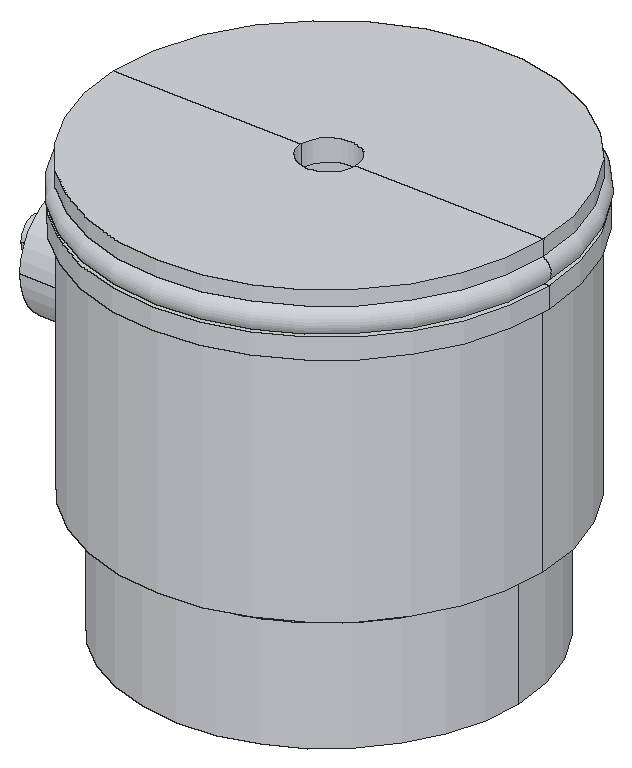
Revit family
Parameters
  Redius [instance] = 0' - 2"
  Model = "C1220-R-1.rfa"
  Manufacturer = "MIFAB"
  Description = "Floor Cleanout with 5\" round cover"
Reference planes (in)
  plane 1 "Center (Front/Back)": y = 0
  plane 2: z = 0
  plane 3 "Center (Left/Right)": x = 0
  plane 4: z = -1.86165
  plane 5: z = -1.66325
Forms (in)
  Revolve 1, void
    sketch origin (0, 0, 0) x (1, 0, 0) y (0, 0, 1)
      loop
        line (0, -12) -> (0, 0) -> (-2.51562, 0) -> (-2.51562, -1.07512) -> (-3.5, -1.07512) -> (-3.5, -2.75) -> (-2.5, -2.75) -> (-2.5, -12) -> (0, -12)
      axis (0, -12) -> (0, 0)
    angle from 0 to 360
  Extrusion 2, solid
    sketch origin (0, 0, -0.56244) x (0, 1, 0) y (0, 0, 1)
      loop
        circle (0, -1.29921) r 0.66929
      loop
        circle (0, -1.29921) r 0.25723
    from -3.0118 to -2.26377
  Extrusion 3, solid
    sketch origin (0, 0, -0.56244) x (0, 1, 0) y (0, 0, 1)
      loop
        circle (0, -1.29921) r 0.41942
    from -3.08949 to -3.0118
  Extrusion 4, solid
    sketch origin (0, 0, -0.56244) x (0, 1, 0) y (0, 0, 1)
      loop
        circle (0, -1.29921) r 0.1984
    from -3.37471 to -3.08949
  Revolve 5, solid
    sketch origin (0, 0, 0) x (1, 0, 0) y (0, 0, 1)
      loop
        line (-0.31641, 0.12891) -> (-2.46875, 0.12891) -> (-2.46875, -0.04297) -> (-2.40143, -0.04297)
        arc (-2.40143, -0.04297) -> (-2.54581, -0.15675) -> (-2.47151, -0.32416) r 0.14883
        line (-2.47151, -0.32416) -> (-2.53516, -0.32416) -> (-2.53516, -0.56244) -> (-2.45703, -0.56244) -> (-2.45703, -3.30072) -> (-2.34479, -3.30072)
        arc (-2.34479, -3.30072) -> (-2.23081, -3.34793) -> (-2.18359, -3.46192) r 0.1612
        line (-2.18359, -3.46192) -> (-2.18359, -4.75385) -> (-2, -4.75385) -> (-2, -3.32311)
        arc (-2, -3.32311) -> (-1.97628, -3.26585) -> (-1.91902, -3.24213) r 0.08098
        line (-1.91902, -3.24213) -> (-1.74566, -3.24213) -> (-1.78511, -2.45306) -> (-1.62891, -2.45306) -> (-1.62891, -0.12109) -> (-0.31641, -0.12109) -> (-0.31641, 0.12891)
      axis (0, -4.75385) -> (0, 0.12891)
    angle from 0 to 360
Lines and regions (in)
  sketch lines
    curve 1: line (-60, 60, 0) -> (60, 60, 0)
    curve 2: line (-60, 60, 0) -> (-60, -60, 0)
    curve 3: line (-60, -60, 0) -> (60, -60, 0)
    curve 4: line (60, 60, 0) -> (60, -60, 0)
Dimensions and locks (in)
  equal spacing: curve 3, plane 1 "Center (Front/Back)", curve 1
  equal spacing: curve 4, plane 3 "Center (Left/Right)", curve 2
  curve 3 to curve 1 = 10' - 0"
  curve 2 to curve 4 = 10' - 0"
  locked: plane 3 "Center (Left/Right)" to Revolve 1 sketch curve at 2.5
  locked: plane 3 "Center (Left/Right)" to Revolve 1 sketch curve at 2.51562
  locked: Revolve 1 sketch curve to Revolve 1 sketch curve at 0.98438
  locked: Revolve 1 sketch curve to Revolve 1 sketch curve at 1.67488
  locked: level to Revolve 1 sketch curve at 1.07512
  locked: plane 3 "Center (Left/Right)" to Revolve 5 sketch curve at 2.18359
  "Redius": plane 3 "Center (Left/Right)" to Revolve 5 sketch curve
  aligned and locked: host floor to Revolve 1 sketch curve  (x2)
  aligned and locked: plane 3 "Center (Left/Right)" to Revolve 1 sketch curve
  aligned and locked: Revolve 1 sketch curve to Revolve 1 sketch curve
  aligned and locked: Extrusion 3 to Extrusion 2
Automatic sketch dimensions
  Extrusion 2 sketch curve to Extrusion 2 sketch curve = 0' - 0"  (x2)
  Extrusion 2 sketch curve to plane 1 "Center (Front/Back)" = 0' - 0"
  Extrusion 2 sketch curve to plane 4 = 0' - 0"
  Extrusion 3 sketch curve to plane 1 "Center (Front/Back)" = 0' - 0"
  Extrusion 3 sketch curve to plane 4 = 0' - 0"
  Extrusion 4 sketch curve to plane 1 "Center (Front/Back)" = 0' - 0"
  Extrusion 4 sketch curve to plane 4 = 0' - 0"
  Revolve 1 sketch curve to Revolve 1 sketch curve = 0' - 0"
  Revolve 1 sketch curve to Revolve 1 sketch curve = 0' - 10"
  Revolve 5 sketch curve to plane 3 "Center (Left/Right)" = 0' - 0"
  level to Revolve 5 sketch curve = 0' - 0 33/256"
  Revolve 5 sketch curve to plane 3 "Center (Left/Right)" = 0' - 0 81/256"
  Revolve 5 sketch curve to level = 0' - 0 31/256"
  Revolve 5 sketch curve to Revolve 5 sketch curve = 0' - 0.11675"
  Revolve 5 sketch curve to Revolve 5 sketch curve = 0' - 0.15621"
  Revolve 5 sketch curve to Revolve 5 sketch curve = 0' - 0.17336"
  Revolve 5 sketch curve to Revolve 5 sketch curve = 0' - 0.08098"
  Revolve 5 sketch curve to Revolve 5 sketch curve = 0' - 0.1612"
  Revolve 5 sketch curve to level = 0' - 0.04404"
  Revolve 5 sketch curve to Revolve 5 sketch curve = 0' - 0.77252"
  Revolve 5 sketch curve to Revolve 5 sketch curve = 0' - 0"
  Revolve 5 sketch curve to Revolve 5 sketch curve = 0' - 0.0556"
  Revolve 5 sketch curve to Revolve 5 sketch curve = 0' - 0.06732"
  Revolve 5 sketch curve to Revolve 5 sketch curve = 0' - 0.07008"
  Revolve 5 sketch curve to Revolve 5 sketch curve = 0' - 0 5/64"
  Revolve 5 sketch curve to Revolve 5 sketch curve = 0' - 0.14883"
  Revolve 5 sketch curve to Revolve 5 sketch curve = 0' - 0 61/256"
  plane 4 to Revolve 5 sketch curve = 0' - 0.59142"
  Revolve 5 sketch curve to Revolve 5 sketch curve = 0' - 0 101/128"
  Revolve 5 sketch curve to Revolve 5 sketch curve = 0' - 0.02238"
  Revolve 5 sketch curve to Revolve 5 sketch curve = 0' - 0 3/4"
  Revolve 5 sketch curve to Revolve 5 sketch curve = 0' - 1.29193"
  Revolve 5 sketch curve to Revolve 5 sketch curve = 0' - 1 3/4"
  Revolve 5 sketch curve to Revolve 5 sketch curve = 0' - 0.00107"
  radius of Extrusion 2 sketch curve = 0' - 0.66929"
  radius of Extrusion 2 sketch curve = 0' - 0.25723"
  radius of Extrusion 3 sketch curve = 0' - 0.41942"
  radius of Extrusion 4 sketch curve = 0' - 0.1984"
Connectors (in)
  piping at (0, 0, -4.75385), driven by "Redius"
    settings: on Revolve 5, index 1
